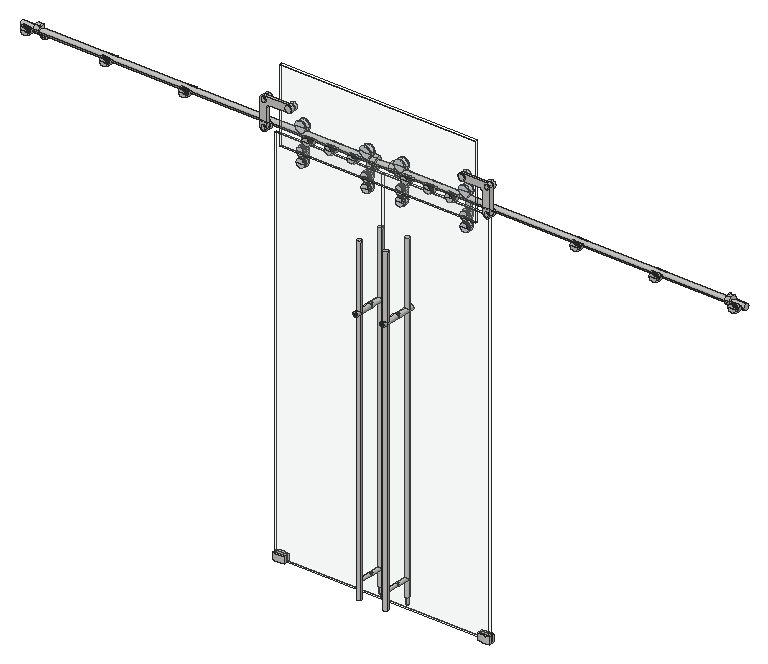
Revit family "Doors_Sliding_Avanti_Systems_Eclipse-Sliding-Pair-Glass-Barn-Doors-Dbl-Glazed", category Doors, Revit 2015 (continued)
Definition of nested family "Handle"
  Definition of nested family "Family2"
    Forms (in)
      Extrusion 1, solid, material <- "Material"
        sketch origin (0, 0, 0) x (0, 1, 0) y (0, 0, 1)
          loop
            line (5.04078, -0.345) -> (5.04078, 0) -> (-2.39922, 0) -> (-2.39922, -0.345) -> (5.04078, -0.345)
        from 0 to 1
      Extrusion 2, solid, material <- "Material"
        sketch origin (0, 0, 0) x (0, 1, 0) y (0, 0, 1)
          loop
            line (-0.3074, -0.345) -> (-1.4374, -0.345) -> (-1.4374, -1.31734) -> (-0.3074, -1.31734) -> (-0.3074, -0.345)
        from 0.32565 to 0.66353
      Extrusion 3, solid, material <- "Material"
        sketch origin (0, 0, 0) x (0, 1, 0) y (0, 0, 1)
          loop
            line (-1.4374, -1.31734) -> (-1.4374, -1.59734) -> (1.43807, -1.59734) -> (1.43807, -1.31734) -> (-1.4374, -1.31734)
          loop
            line (1.45803, -2.09734) -> (-1.41697, -2.09734) -> (-1.41697, -3.82961)
            arc (-1.41697, -3.82961) -> (-1.36191, -3.96254) -> (-1.22897, -4.01761) r 0.188
            line (-1.22897, -4.01761) -> (1.27003, -4.01761)
            arc (1.27003, -4.01761) -> (1.40297, -3.96254) -> (1.45803, -3.82961) r 0.188
            line (1.45803, -3.82961) -> (1.45803, -2.09734)
        from 0 to 1
      Extrusion 4, solid, material <- "Material"
        sketch origin (0, 0, 0) x (0, 1, 0) y (0, 0, 1)
          loop
            arc (-3.2641, -0.65221) -> (-3.242, -0.64306) -> (-3.23285, -0.62096) r 0.03125
            line (-3.23285, -0.62096) -> (-3.23285, 0) -> (-3.4516, 0) -> (-3.4516, -0.62096)
            arc (-3.4516, -0.62096) -> (-3.44244, -0.64306) -> (-3.42035, -0.65221) r 0.03125
            line (-3.42035, -0.65221) -> (-3.2641, -0.65221)
        from 0.32565 to 0.66353
      Extrusion 5, solid, material <- "Material", visible <- "Lock"
        sketch origin (1, 0, 0) x (0, 1, 0) y (0, 0, 1)
          loop
            circle (0.20853, -3.12734) r 0.58
          loop
            circle (0.20853, -3.12734) r 0.5625
          loop
            circle (-0.07272, -3.12734) r 0.22671
        from 0 to 0.25
      Extrusion 6, solid, material <- "Material", visible <- "Lock"
        sketch origin (1, 0, 0) x (0, 1, 0) y (0, 0, 1)
          loop
            circle (0.20853, -3.12734) r 0.5625
        from 0 to 0.20472
      Extrusion 7, solid, material <- "Material", visible <- "Lock", not visible
        sketch origin (1, 0, 0) x (0, 1, 0) y (0, 0, 1)
          loop
            circle (0.20853, -3.12734) r 0.58
          loop
            circle (0.20853, -3.12734) r 0.5625
          loop
            circle (-0.07272, -3.12734) r 0.22671
        from 0 to 0.25
      Extrusion 8, solid, material <- "Material", visible <- "Lock", not visible
        sketch origin (1, 0, 0) x (0, 1, 0) y (0, 0, 1)
          loop
            circle (0.20853, -3.12734) r 0.5625
        from 0 to 0.20472
    Lines and regions (in)
      model lines, not visible
        curve 1: line (0, -0.35397, -3.12734) -> (0, 0.39603, -3.12734)
        curve 2: line (0, -0.35397, -3.12734) -> (0, 0.39603, -3.12734)
    Dimensions and locks (in)
      "Thickness": plane 4 to plane 5
      locked: plane 5 to plane 2 at 1.59734
      aligned and locked: level to plane 2
      aligned and locked: plane 5 to Extrusion 3 sketch curve
      aligned and locked: Extrusion 3 sketch curve to Extrusion 2
      aligned and locked: Extrusion 3 sketch curve to plane 4
  Definition of nested family "Family3"
    Parameters (values of type "Family3")
      Thickness = 0.50125"
      Material = none
    Reference planes (in)
      plane 1 "Center (Front/Back)": y = 0
      plane 2: z = 0
      plane 3 "Center (Left/Right)": x = 0
      plane 4: z = 0.26102
      plane 5: z = -0.24023
    Forms (in)
      Extrusion 1, solid, material <- "Material"
        sketch origin (-0.98898, 0.625, 0.26102) x (0, 0, -1) y (0, 1, 0)
          loop
            line (-0.28125, 0.125) -> (-0.28125, -2.375) -> (0, -2.375) -> (0, 0) -> (0.50125, 0) -> (0.50125, -2.37518) -> (0.78125, -2.37518) -> (0.78125, 0.125) -> (-0.28125, 0.125)
        from 0 to 1.25
      Revolve 2, solid, material <- "Material"
        sketch origin (-0.36398, 0.615, 0.26102) x (0, 0, -1) y (0, 1, 0)
          loop
            line (-0.28125, -0.615) -> (-1.5092, -0.615) -> (-1.5092, -0.995) -> (-0.28125, -0.995) -> (-0.28125, -0.615)
          axis (-1.5092, -0.995) -> (-0.28125, -0.995)
        angle from 0 to 360
    Dimensions and locks (in)
      "Thickness": plane 4 to plane 5
      locked: Extrusion 1 to plane 4 at 0.28125
      locked: plane 5 to Extrusion 1 at 0.28
      aligned and locked: level to plane 2
      aligned and locked: Extrusion 1 to plane 4
      aligned and locked: plane 5 to Extrusion 1
  Definition of nested family "Handle Timber"
    Parameters (values of type "Handle Timber")
      Locker [instance] = yes
      Handle material = none
      Default Elevation = 48"
    Reference planes (in)
      plane 1 "Center (Front/Back)": y = 0
      plane 2: z = 0
      plane 3 "Center (Left/Right)": x = 0
    Forms (in)
      Extrusion 1, solid, material <- "Handle material"
        sketch origin (0, 0.00944, 0.00975) x (-1, 0, 0) y (0, -1, 0.00026)
          loop
            line (0.82036, -6.01526) -> (0.82036, -4.11121)
            arc (0.82036, -4.11121) -> (0, -3.29085) -> (-0.82036, -4.11121) r 0.82036
            line (-0.82036, -4.11121) -> (-0.82036, -6.01526)
            arc (-0.82036, -6.01526) -> (0, -6.83563) -> (0.82036, -6.01526) r 0.82036
          loop
            line (0.82036, -0.95129) -> (0.82036, 0.95276)
            arc (0.82036, 0.95276) -> (0, 1.77313) -> (-0.82036, 0.95276) r 0.82036
            line (-0.82036, 0.95276) -> (-0.82036, -0.95129)
            arc (-0.82036, -0.95129) -> (0, -1.77165) -> (0.82036, -0.95129) r 0.82036
        from -0.36 to -0.00798
      Sweep 2, solid, material <- "Handle material"
        path origin (0, 0.00944, 0.00975) x (-1, 0, 0) y (0, 0.00026, 1)
          loop
            line (0.00372, -0.36) -> (0.00372, -2.13165)
            arc (0.00372, -2.13165) -> (0.19244, -2.58727) -> (0.64805, -2.77599) r 0.64433
            line (0.64805, -2.77599) -> (4.19136, -2.77599)
            arc (4.19136, -2.77599) -> (4.78191, -2.53137) -> (5.02652, -1.94082) r 0.83517
            line (5.02652, -1.94082) -> (5.02652, -0.63757)
        profile origin (-0.00372, 0.00911, -1.23607) x (-1, 0, 0) y (0, 1, -0.00026)
          loop
            circle (0, 0) r 0.3937
      Extrusion 3, solid, material <- "Handle material", visible <- "Locker"
        sketch origin (0, 0.00944, 0.00975) x (-1, 0, 0) y (0, -1, 0.00026)
          loop
            line (0.82009, 4.11958) -> (0.82408, 6.02363)
            arc (0.82408, 6.02363) -> (0.00543, 6.84571) -> (-0.81665, 6.02706) r 0.82036
            line (-0.81665, 6.02706) -> (-0.82063, 4.12301)
            arc (-0.82063, 4.12301) -> (-0.00199, 3.30093) -> (0.82009, 4.11958) r 0.82036
        from -0.36 to -0.01061
    Lines and regions (in)
      reference lines
        curve 1: line (0, 6.84506, 0) -> (0, -6.83627, 0)
        curve 2: line (-5.42022, 0.00893, 0) -> (0.82036, 0.00893, 0)
    Dimensions and locks (in)
      aligned and locked: level to plane 2
  Definition of nested family "Hinged Framed Swing locker"
    Parameters (values of type "Hinged Framed Swing locker")
      Thickness = 1/2"
      Lock = yes
      Handle and assembly material [instance] = none
    Reference planes (in)
      plane 1 "Center (Front/Back)": y = 0
      plane 2: z = 0
      plane 3 "Center (Left/Right)": x = 0
      plane 4: y = 0.59375
      plane 5: y = -0.59375
      plane 6: x = -1
      plane 7: x = 1
      plane 8: y = 0.25
      plane 9: y = -0.25
      plane 10: x = 1.5
      plane 11: z = 8
      plane 12: z = 4.6875
      plane 13: z = 3.6875
      plane 14: z = 3.125
      plane 15: x = 1.38539
      plane 16: z = 2.79297
      plane 17: y = 0.25
      plane 18: y = -0.25
      plane 19: x = 0.90286
      plane 20: z = 6.0625
      plane 21: y = -0.84375
      plane 22: y = -0.80275
      plane 23 "handle_center": z = 2.4375
      plane 24: x = -4.375
      plane 25: y = -1.23355
      plane 26: z = 2.69544
      plane 27: z = 2.17956
      plane 28: y = -2.05222
      plane 29: y = -2.71875
      plane 30: z = 2.69544
      plane 31: z = 2.17956
      plane 32: z = 4.25
      plane 33: z = 3.75
      plane 34: z = 4
    Forms (in)
      Extrusion 1, solid, material <- "Handle and assembly material"
        sketch origin (0, -4, 4) x (1, 0, 0) y (0, 0, -1)
          loop
            line (-1, 0.59375) -> (-1, 0.25) -> (0.90286, 0.25) -> (0.90286, -0.25) -> (-1, -0.25) -> (-1, -0.59375) -> (1, -0.59375) -> (1, 0.59375) -> (-1, 0.59375)
        from 0 to 8
      Extrusion 2, solid, material <- "Handle and assembly material", detail levels fine
        sketch origin (0, -4, 4) x (1, 0, 0) y (0, 0, -1)
          loop
            line (1, 0.25) -> (1, -0.25)
            arc (1, -0.25) -> (1.27121, -0.02121) -> (1.5, 0.25) r 2.09856
            line (1.5, 0.25) -> (1, 0.25)
        from 3.6875 to 4.6875
      Extrusion 3, solid, material <- "Handle and assembly material", detail levels fine
        sketch origin (0, -4, 4) x (1, 0, 0) y (0, 0, -1)
          loop
            line (1, 0.25) -> (1, -0.25)
            arc (1, -0.25) -> (1.0598, -0.20427) -> (1.0921, -0.13627) r 0.16012
            arc (1.0921, -0.13627) -> (1.11202, -0.10046) -> (1.14874, -0.08227) r 0.06897
            line (1.14874, -0.08227) -> (1.30312, -0.08227)
            arc (1.30312, -0.08227) -> (1.36129, -0.05818) -> (1.38539, 0) r 0.08227
            arc (1.38539, 0) -> (1.36129, 0.05818) -> (1.30312, 0.08227) r 0.08227
            line (1.30312, 0.08227) -> (1.14874, 0.08227)
            arc (1.14874, 0.08227) -> (1.11202, 0.10046) -> (1.0921, 0.13627) r 0.06897
            arc (1.0921, 0.13627) -> (1.0598, 0.20427) -> (1, 0.25) r 0.16012
        from 2.79297 to 3.125
      Extrusion 4, solid, material <- "Handle and assembly material", visible <- "Lock", detail levels medium+fine
        sketch origin (1, -4, 4.59375) x (-1, 0, 0) y (0, -1, 0)
          loop
            circle (1, -6.0625) r 0.63654
          loop
            circle (1, -6.0625) r 0.60041
        from 0 to 0.25
      Extrusion 5, solid, material <- "Handle and assembly material", visible <- "Lock", detail levels medium+fine
        sketch origin (1, -4, 4.59375) x (-1, 0, 0) y (0, -1, 0)
          loop
            circle (1, -6.0625) r 0.60041
        from 0 to 0.209
      Blend 6, solid, material <- "Handle and assembly material", visible <- "Lock", detail levels fine
        base sketch origin (1, -4, 4.80275) x (-1, 0, 0) y (0, -1, 0)
          loop
            circle (1, -5.84645) r 0.21605
        top sketch origin (1, -4, 4.80275) x (-1, 0, 0) y (0, -1, 0)
          loop
            circle (1, -5.84645) r 0.19257
        from 0 to 0.041
      Extrusion 7, solid, material <- "Handle and assembly material"
        sketch origin (1, -4, 4.59375) x (-1, 0, 0) y (0, -1, 0)
          loop
            circle (1, -2.4375) r 0.35547
        from 0 to 1.45847
      Extrusion 8, void
        sketch origin (0.04357, -4.04543, 4) x (0, 0, -1) y (-0.017452, 0.999848, 0)
          loop
            line (-1.23355, 2.79297) -> (-1.23355, 2.90667) -> (-2.86779, 2.90667) -> (-2.86779, 2.69544) -> (-1.36779, 2.69544)
            arc (-1.36779, 2.69544) -> (-1.28242, 2.71908) -> (-1.23355, 2.79297) r 0.12635
        from -3.60215 to 0.49573
      Extrusion 9, solid, material <- "Handle and assembly material"
        sketch origin (1, -4, 4.59375) x (-1, 0, 0) y (0, -1, 0)
          loop
            arc (0.71851, -2.22043) -> (0.66353, -2.32283) -> (0.64453, -2.4375) r 0.35547
            arc (0.64453, -2.4375) -> (0.66353, -2.55217) -> (0.71851, -2.65457) r 0.35547
            line (0.71851, -2.65457) -> (5.3098, -2.57443) -> (5.375, -2.50923) -> (5.375, -2.36577) -> (5.3098, -2.30057) -> (0.71851, -2.22043)
        from 1.45847 to 2.125
      Extrusion 10, void
        sketch origin (0.04357, 0.92043, 4) x (0, 0, -1) y (0.017452, 0.999848, 0)
          loop
            arc (-1.23355, -2.79297) -> (-1.28242, -2.71908) -> (-1.36779, -2.69544) r 0.12635
            line (-1.36779, -2.69544) -> (-2.86779, -2.69544) -> (-2.86779, -2.90667) -> (-1.23355, -2.90667) -> (-1.23355, -2.79297)
        from -3.60215 to 0.49573
      Extrusion 11, solid, material <- "Handle and assembly material"
        sketch origin (1, -4, 3.40625) x (0, 1, 0) y (1, 0, 0)
          loop
            circle (2.4375, -1) r 0.35547
        from 0 to 1.45847
      Extrusion 12, void
        sketch origin (0.04357, -4.04543, 4) x (0, 0, 1) y (0.017452, -0.999848, 0)
          loop
            arc (-1.23355, -2.79297) -> (-1.28242, -2.71908) -> (-1.36779, -2.69544) r 0.12635
            line (-1.36779, -2.69544) -> (-2.86779, -2.69544) -> (-2.86779, -2.90667) -> (-1.23355, -2.90667) -> (-1.23355, -2.79297)
        from -3.60215 to 0.49573
      Extrusion 13, solid, material <- "Handle and assembly material"
        sketch origin (1, -4, 3.40625) x (0, 1, 0) y (1, 0, 0)
          loop
            line (2.22043, -0.71851) -> (2.30057, -5.3098) -> (2.36577, -5.375) -> (2.50923, -5.375) -> (2.57443, -5.3098) -> (2.65457, -0.71851)
            arc (2.65457, -0.71851) -> (2.55217, -0.66353) -> (2.4375, -0.64453) r 0.35547
            arc (2.4375, -0.64453) -> (2.32283, -0.66353) -> (2.22043, -0.71851) r 0.35547
        from 1.45847 to 2.125
      Extrusion 14, void
        sketch origin (0.04357, 0.92043, 4) x (0, 0, 1) y (-0.017452, -0.999848, 0)
          loop
            line (-1.23355, 2.79297) -> (-1.23355, 2.90667) -> (-2.86779, 2.90667) -> (-2.86779, 2.69544) -> (-1.36779, 2.69544)
            arc (-1.36779, 2.69544) -> (-1.28242, 2.71908) -> (-1.23355, 2.79297) r 0.12635
        from -3.60215 to 0.49573
    Cuts and joins
      Extrusion 8, Extrusion 10, Extrusion 12, Extrusion 14 cuts Extrusion 7
      Extrusion 10, Extrusion 12, Extrusion 14 cuts Extrusion 9
      joined: Extrusion 7, Extrusion 9
      Extrusion 12, Extrusion 14 cuts Extrusion 11
      Extrusion 12 cuts Extrusion 13
      joined: Extrusion 11, Extrusion 13
    Lines and regions (in)
      reference lines
        curve 1: line (0.35547, -1.5625, 0) -> (-4.39453, -1.5625, 0)
    Dimensions and locks (in)
      plane 4 to plane 5 = 1 3/16"
      plane 6 to plane 7 = 2"
      plane 11 to plane 2 = 8"
      plane 11 to plane 12 to plane 13 to plane 14 to plane 16 = 3 5/16" locked, 1" locked, 9/16" locked, 85/256" locked
      equal spacing: plane 17, plane 1 "Center (Front/Back)", plane 18
      "Thickness": plane 17 to plane 18
      locked: plane 19 to plane 7 at 0.09714
      locked: plane 15 to plane 10 at 0.11461
      equal spacing: plane 6, plane 3 "Center (Left/Right)", plane 7
      locked: plane 11 to plane 20 at 1.9375
      locked: plane 5 to plane 21 at 0.25
      locked: plane 22 to plane 21 at 0.041
      locked: plane 11 to plane 23 "handle_center" at 5.5625
      locked: plane 24 to plane 7 at 5.375
      locked: plane 5 to plane 29 at 2.125
      "Thickness": plane 32 to plane 33
      locked: Extrusion 1 to plane 32 at 0.34375
      locked: plane 33 to Extrusion 1 at 0.34375
      aligned and locked: level to plane 2
      aligned and locked: Extrusion 1 sketch curve to plane 6  (x2)
      aligned and locked: plane 7 to Extrusion 1 sketch curve
      aligned and locked: plane 7 to Extrusion 3 sketch curve  (x2)
      aligned and locked: plane 15 to Extrusion 3 sketch curve
      aligned and locked: plane 7 to Extrusion 2 sketch curve  (x2)
      aligned and locked: plane 10 to Extrusion 2 sketch curve
      aligned and locked: plane 19 to Extrusion 1 sketch curve
      aligned and locked: Extrusion 1 to plane 32
      aligned and locked: plane 33 to Extrusion 1
    Automatic sketch dimensions
      Extrusion 1 sketch curve to plane 12 = 3/32"
      Extrusion 1 sketch curve to Extrusion 1 sketch curve = 11/32"
      plane 13 to Extrusion 1 sketch curve = 1/16"
      Extrusion 1 sketch curve to plane 13 = 9/32"
      plane 23 "handle_center" to Extrusion 2 sketch curve = 0.09981"
      Extrusion 2 sketch curve to plane 3 "Center (Left/Right)" = 0.21269"
      plane 13 to Extrusion 2 sketch curve = 1/16"
      Extrusion 3 sketch curve to Extrusion 3 sketch curve = 0"  (x2)
      plane 19 to Extrusion 3 sketch curve = 0.0325"  (x2)
      Extrusion 3 sketch curve to plane 7 = 0.14874"  (x2)
      Extrusion 3 sketch curve to Extrusion 3 sketch curve = 0.01087"  (x2)
      Extrusion 3 sketch curve to Extrusion 3 sketch curve = 0.08227"
      Extrusion 3 sketch curve to plane 12 = 7/16"
      Extrusion 3 sketch curve to Extrusion 3 sketch curve = 0.09962"
      Extrusion 3 sketch curve to Extrusion 3 sketch curve = 0.1465"
      Extrusion 3 sketch curve to Extrusion 3 sketch curve = 0.06811"  (x2)
      Extrusion 3 sketch curve to Extrusion 3 sketch curve = 0.20701"
      plane 13 to Extrusion 3 sketch curve = 1/16"
      Extrusion 4 sketch curve to Extrusion 4 sketch curve = 0"  (x2)
      Extrusion 4 sketch curve to Extrusion 1 = 1"
      Extrusion 1 to Extrusion 4 sketch curve = 1 15/16"
      Extrusion 5 sketch curve to Extrusion 1 = 1"
      Extrusion 1 to Extrusion 5 sketch curve = 1 15/16"
      Extrusion 7 sketch curve to plane 3 "Center (Left/Right)" = 0"
      plane 25 to Extrusion 7 sketch curve = 0.32895"
      plane 20 to Extrusion 8 sketch curve = 0.80529"
      plane 12 to Extrusion 8 sketch curve = 0.68029"
      Extrusion 8 sketch curve to Extrusion 8 sketch curve = 0.0111"
      Extrusion 8 sketch curve to Extrusion 8 sketch curve = 0.12313"
      Extrusion 8 sketch curve to Extrusion 8 sketch curve = 0.09753"
      Extrusion 8 sketch curve to Extrusion 8 sketch curve = 0.1137"
      Extrusion 9 sketch curve to Extrusion 9 sketch curve = 0"  (x4)
      Extrusion 9 sketch curve to Extrusion 1 = 0.71851"
      Extrusion 9 sketch curve to Extrusion 9 sketch curve = 0.28149"
      Extrusion 1 to Extrusion 9 sketch curve = 3.3098"
      Extrusion 9 sketch curve to Extrusion 9 sketch curve = 0.0652"  (x3)
      Extrusion 1 to Extrusion 9 sketch curve = 2.65457"
      Extrusion 1 to Extrusion 9 sketch curve = 2.57443"
      Extrusion 9 sketch curve to Extrusion 9 sketch curve = 0.21707"
      Extrusion 9 sketch curve to Extrusion 9 sketch curve = 0.14346"
      plane 20 to Extrusion 10 sketch curve = 0.80529"
      plane 12 to Extrusion 10 sketch curve = 0.68029"
      Extrusion 10 sketch curve to Extrusion 10 sketch curve = 0.0111"
      Extrusion 10 sketch curve to Extrusion 10 sketch curve = 0.12313"
      Extrusion 10 sketch curve to Extrusion 10 sketch curve = 0.08537"
      Extrusion 10 sketch curve to Extrusion 10 sketch curve = 0.1137"
      Extrusion 11 sketch curve to plane 3 "Center (Left/Right)" = 0"
      plane 25 to Extrusion 11 sketch curve = 0.32895"
      plane 27 to Extrusion 12 sketch curve = 1.04735"
      Extrusion 12 sketch curve to plane 26 = 0.06323"
      Extrusion 12 sketch curve to plane 26 = 0.05213"
      Extrusion 12 sketch curve to plane 16 = 0.02652"
      Extrusion 12 sketch curve to Extrusion 12 sketch curve = 0.08537"
      Extrusion 12 sketch curve to Extrusion 12 sketch curve = 0.1137"
      Extrusion 13 sketch curve to Extrusion 13 sketch curve = 0"  (x2)
      Extrusion 13 sketch curve to plane 24 = 0"
      Extrusion 13 sketch curve to plane 3 "Center (Left/Right)" = 0"
      plane 28 to Extrusion 13 sketch curve = 0.27265"
      Extrusion 13 sketch curve to plane 24 = 0.0652"  (x2)
      plane 28 to Extrusion 13 sketch curve = 0.35279"
      Extrusion 13 sketch curve to Extrusion 13 sketch curve = 0.0652"  (x2)
      plane 25 to Extrusion 13 sketch curve = 0.32895"
      Extrusion 13 sketch curve to Extrusion 13 sketch curve = 0.14346"
      plane 25 to Extrusion 13 sketch curve = 0.11187"
      plane 3 "Center (Left/Right)" to Extrusion 13 sketch curve = 0.28149"
      plane 27 to Extrusion 14 sketch curve = 1.04735"
      Extrusion 14 sketch curve to plane 26 = 0.06323"
      Extrusion 14 sketch curve to plane 26 = 0.05213"
      Extrusion 14 sketch curve to plane 16 = 0.02652"
      Extrusion 14 sketch curve to Extrusion 14 sketch curve = 0.09753"
      Extrusion 14 sketch curve to Extrusion 14 sketch curve = 0.1137"
      plane 24 to curve 1 = 5/256"
      plane 25 to curve 1 = 0.32895"
      plane 3 "Center (Left/Right)" to curve 1 = 91/256"
      radius of Extrusion 4 sketch curve = 0.63654"
      radius of Extrusion 4 sketch curve = 0.60041"
      radius of Extrusion 5 sketch curve = 0.60041"
      radius of Blend 6 sketch curve = 0.21605"
      radius of Blend 6 sketch curve = 0.19257"
      radius of Extrusion 7 sketch curve = 91/256"
      radius of Extrusion 11 sketch curve = 91/256"
  Definition of nested family "Handle_For-Glass_Rounded_600mm"
    Parameters (values of type "Handle_For-Glass_Rounded_600mm")
      Handle Material [instance] = none
      Handle Height [instance] = 48"  # constant formula
      Default Elevation = 48"
    Reference planes (in)
      plane 1 "Center (Front/Back)": y = 0
      plane 2: z = 26.93599
      plane 3 "Center (Left/Right)": x = 0
      plane 4: z = 0
      plane 5: z = -2.66749
      plane 6: y = -28.44876
      plane 7: y = 14.63423
      plane 8: y = -33.36577
    Forms (in)
      Sweep 1, solid, material <- "Handle Material"
        path origin (0, -17.24158, 0) x (0, 0, 1) y (0, -1, 0)
          loop
            line (-2.10925, 11.20718) -> (0, 11.20718)
        profile origin (0, -28.44876, 0) x (0, -1, 0) y (1, 0, 0)
          loop
            circle (0, 0) r 0.3125
      Sweep 2, solid, material <- "Handle Material"
        path origin (0, 10.76459, 0) x (0, 0, 1) y (0, -1, 0)
          loop
            line (-2.30394, 1.07019) -> (0, 1.07019)
        profile origin (0, 9.69441, 0) x (0, -1, 0) y (1, 0, 0)
          loop
            circle (0, 0) r 0.3125
      Extrusion 3, solid, material <- "Handle Material"
        sketch origin (0, -17.24158, 0) x (1, 0, 0) y (0, 0, -1)
          loop
            circle (0, 2.27257) r 0.39445
        from -16.12419 to 31.87581
    Dimensions and locks (in)
      locked: plane 8 to plane 6 at 4.91701
      "Handle Height": plane 7 to plane 8
      aligned and locked: plane 7 to Extrusion 3
      aligned and locked: Extrusion 3 to plane 8
  Definition of nested family "Handle_For-Glass_Rounded_60in"
    Parameters (values of type "60"")
      No locker [instance] = yes
      Locker [instance] = yes
      Handle Material [instance] = none
      Handle Height [instance] = 60"  # constant formula
    Reference planes (in)
      plane 1 "Center (Front/Back)": y = 0
      plane 2: z = 19.87581
      plane 3 "Center (Left/Right)": x = 0
      plane 4: z = 2.66749
      plane 5: y = -36.97039
      plane 6: z = 0
      plane 7: y = 20.02961
      plane 8: y = -39.97039
    Forms (in)
      Sweep 1, solid, material <- "Handle Material"
        path origin (0, -11.8462, 0) x (0, 0, -1) y (0, 1, 0)
          loop
            line (-2.10925, -25.12419) -> (0, -25.12419)
        profile origin (0, -36.97039, 0) x (1, 0, 0) y (0, 1, 0)
          loop
            circle (0, 0) r 0.3125
      Sweep 2, solid, material <- "Handle Material"
        path origin (0, 16.15997, 0) x (0, 0, -1) y (0, 1, 0)
          loop
            line (-3.10757, -8.13036) -> (0, -8.13036)
        profile origin (0, 8.02961, 0) x (1, 0, 0) y (0, 1, 0)
          loop
            circle (0, 0) r 0.4375
      Extrusion 3, solid, material <- "Handle Material"
        sketch origin (0, -11.8462, 0) x (1, 0, 0) y (0, 0, -1)
          loop
            circle (0, -2.27257) r 0.39445
        from -28.12419 to 31.87581
      Revolve 4, solid, material <- "Handle Material"
        sketch origin (0, -11.8462, 0) x (0, 0, -1) y (0, 1, 0)
          loop
            line (-3.10757, 20.0489) -> (-3.19084, 20.0489) -> (-3.19084, 19.87581) -> (-3.10757, 19.87581) -> (-3.10757, 20.0489)
          axis (-3.10757, 19.87581) -> (-3.19084, 19.87581)
        angle from 0 to 360
      Extrusion 5, solid, material <- "Handle Material", visible <- "Locker"
        sketch origin (0, -11.8462, 0) x (0, 0, -1) y (0, 1, 0)
          loop
            line (-3.19084, 19.98905) -> (-3.34908, 19.98905)
            arc (-3.34908, 19.98905) -> (-3.37904, 19.97664) -> (-3.39145, 19.94668) r 0.04237
            line (-3.39145, 19.94668) -> (-3.39145, 19.80495)
            arc (-3.39145, 19.80495) -> (-3.37904, 19.77499) -> (-3.34908, 19.76258) r 0.04237
            line (-3.34908, 19.76258) -> (-3.19084, 19.76258) -> (-3.19084, 19.98905)
        from -0.03592 to 0.03621
      Revolve 6, solid, material <- "Handle Material", visible <- "No locker"
        sketch origin (0, -11.62359, 0) x (0, 0, -1) y (0, 1, 0)
          loop
            line (-3.10757, 20.0489) -> (-3.20833, 20.0489) -> (-3.20833, 19.87581) -> (-3.10757, 19.87581) -> (-3.10757, 20.0489)
          axis (-3.10757, 19.87581) -> (-3.20833, 19.87581)
        angle from 0 to 360
      Revolve 7, solid, material <- "Handle Material", visible <- "Locker"
        sketch origin (0, -11.8462, 0) x (0, 0, -1) y (0, 1, 0)
          loop
            line (-2.27257, -28.12419) -> (-2.50833, -28.12419) -> (-2.50833, -29.32199) -> (-2.41048, -29.49919) -> (-2.27257, -29.49919) -> (-2.27257, -28.12419)
          axis (-2.27257, -28.12419) -> (-2.27257, -29.49919)
        angle from 0 to 360
    Lines and regions (in)
      reference lines
        curve 1: line (0, -40.47039, 2.66749) -> (0, -40.47039, 0)
    Dimensions and locks (in)
      locked: plane 8 to plane 5 at 3
      "Handle Height": plane 7 to plane 8
      aligned and locked: Extrusion 3 to plane 7
      aligned and locked: Extrusion 3 to plane 8
      aligned and locked: Sweep 1 sketch curve to plane 5
  Definition of nested family "Handle_For-Glass_Rounded_60in2"
    Parameters (values of type "60"")
      No locker [instance] = yes
      Locker [instance] = yes
      Handle Material [instance] = none
      Handle Height [instance] = 60"  # constant formula
    Reference planes (in)
      plane 1 "Center (Front/Back)": y = 0
      plane 2: z = 19.87581
      plane 3 "Center (Left/Right)": x = 0
      plane 4: y = -36.97039
      plane 5: z = 0
      plane 6: y = 20.02961
      plane 7: y = -39.97039
      plane 8: z = -2.66749
    Forms (in)
      Sweep 1, solid, material <- "Handle Material"
        path origin (0, -11.8462, 0) x (0, 0, 1) y (0, 1, 0)
          loop
            line (-2.10925, -25.12419) -> (0, -25.12419)
        profile origin (0, -36.97039, 0) x (0, -1, 0) y (1, 0, 0)
          loop
            circle (0, 0) r 0.3125
      Sweep 2, solid, material <- "Handle Material"
        path origin (0, 16.15997, 0) x (0, 0, 1) y (0, 1, 0)
          loop
            line (-3.10757, -8.13036) -> (0, -8.13036)
        profile origin (0, 8.02961, 0) x (0, -1, 0) y (1, 0, 0)
          loop
            circle (0, 0) r 0.4375
      Extrusion 3, solid, material <- "Handle Material"
        sketch origin (0, -11.8462, 0) x (1, 0, 0) y (0, 0, -1)
          loop
            circle (0, 2.27257) r 0.39445
        from -28.12419 to 31.87581
      Revolve 4, solid, material <- "Handle Material"
        sketch origin (0, -11.8462, 0) x (0, 0, 1) y (0, 1, 0)
          loop
            line (-3.10757, 20.0489) -> (-3.19084, 20.0489) -> (-3.19084, 19.87581) -> (-3.10757, 19.87581) -> (-3.10757, 20.0489)
          axis (-3.10757, 19.87581) -> (-3.19084, 19.87581)
        angle from 0 to 360
      Extrusion 5, solid, material <- "Handle Material", visible <- "Locker"
        sketch origin (0, -11.8462, 0) x (0, 0, 1) y (0, -1, 0)
          loop
            line (-3.19084, -19.98905) -> (-3.19084, -19.76258) -> (-3.34908, -19.76258)
            arc (-3.34908, -19.76258) -> (-3.37904, -19.77499) -> (-3.39145, -19.80495) r 0.04237
            line (-3.39145, -19.80495) -> (-3.39145, -19.94668)
            arc (-3.39145, -19.94668) -> (-3.37904, -19.97664) -> (-3.34908, -19.98905) r 0.04237
            line (-3.34908, -19.98905) -> (-3.19084, -19.98905)
        from -0.03592 to 0.03621
      Revolve 6, solid, material <- "Handle Material", visible <- "No locker"
        sketch origin (0, -11.62359, 0) x (0, 0, 1) y (0, 1, 0)
          loop
            line (-3.10757, 20.0489) -> (-3.20833, 20.0489) -> (-3.20833, 19.87581) -> (-3.10757, 19.87581) -> (-3.10757, 20.0489)
          axis (-3.10757, 19.87581) -> (-3.20833, 19.87581)
        angle from 0 to 360
      Revolve 7, solid, material <- "Handle Material", visible <- "Locker"
        sketch origin (0, -11.8462, 0) x (0, 0, 1) y (0, 1, 0)
          loop
            line (-2.27257, -28.12419) -> (-2.50833, -28.12419) -> (-2.50833, -29.32199) -> (-2.41048, -29.49919) -> (-2.27257, -29.49919) -> (-2.27257, -28.12419)
          axis (-2.27257, -28.12419) -> (-2.27257, -29.49919)
        angle from 0 to 360
    Lines and regions (in)
      reference lines
        curve 1: line (0, -40.47039, -2.66749) -> (0, -40.47039, 0)
    Dimensions and locks (in)
      locked: plane 7 to plane 4 at 3
      "Handle Height": plane 6 to plane 7
Definition of nested family "Arrow"
  Reference planes (in)
    plane 1 "Center (Front/Back)": y = 0
    plane 2: z = 0
    plane 3 "Center (Left/Right)": x = 0
  Lines and regions (in)
    detail lines, in view "Ref. Level"
      curve 1: line (-2.57725, 1.35976, 0) -> (-3.93701, 0, 0)
      curve 2: line (-3.93701, 0, 0) -> (3.93701, 0, 0)
      curve 3: line (-2.57725, -1.35976, 0) -> (-3.93701, 0, 0)
